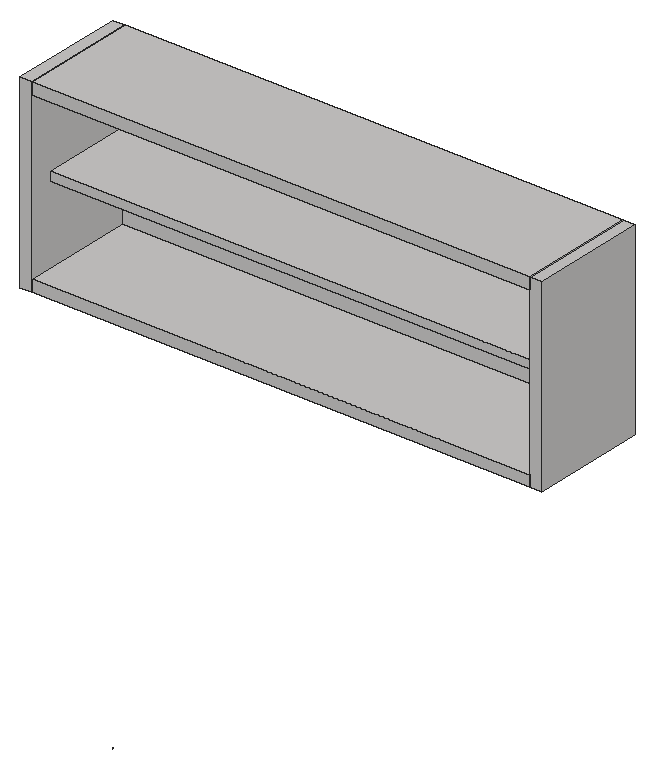
Revit family "QF_ZANUSSI_133260_PA1800LCN", category Attrezzature speciali, Revit 2020
Family settings
  Quota connettore circolare = Usa diametro
  Tipo di parte = Normale
  Basato su piano di lavoro = No
  Sempre verticale = Sì
  Taglio con vuoti quando caricato = No
  Condiviso = No
  Punto di calcolo locali = No
Parameters (values of type "Standard")
  Weight = 28.00 kg
  Watts = 0 W
  Volts = 0 V
  URL Manufacturer = "http://www.zanussiprofessional.com"
  URL = "http://www.zanussiprofessional.com"
  Steam Supply Size = 0 mm
  Steam Supply Minimum Pressure = 0.0 Pa
  Steam Supply Maximum Pressure = 0.0 Pa
  Steam Consumption per Hour = 0
  Refrigeration Suction Line Size = 0.0 mm
  Refrigeration Liquid Line Size = 0.0 mm
  Refrigerant Compressor Remote = yes
  Prospetto di default = 0.0 mm
  Phase = 0
  Modello = "PA1800LCN"
  Produttore = "Zanussi"
  Length Actual = 1800.0 mm  # constant formula
  Item Number = "133260"
  Hot Water Size = 0 mm
  Height Actual = 650.0 mm  # constant formula
  HP = "0 HP"
  Gas Size = 0 mm
  Gas KW = 0
  Gas Input Pressure = 0 W
  Direct Waste Size = 0 mm
  Descrizione = "OPEN WALL CUPBOARD 1800 MM"
  Depth Actual = 400.0 mm  # constant formula
  Cycle = 0 Hz
  Condensate Return Size = 0 mm
  Compressed Air Volume = 0.0 L/s
  Compressed Air Size = 0 mm
  Compressed Air Pressure = 0.0 Pa
  Cold Water Size = 0 mm
  Accessory = yes
Reference planes
  plane 1 "Center (Front/Back)": y = 0
  plane 2: z = 0
  plane 3 "Center (Left/Right)": x = -300
  plane 4 "LEFT": x = -1200
  plane 5 "RIGHT": x = 600
  plane 6 "BACK": y = 200
  plane 7 "FRONT": y = -200
  plane 8 "Base": z = 2250
  plane 9 "BASE": z = 1600
  plane 10: x = -1160
  plane 11: x = 560
  plane 12: y = -197
  plane 13: y = 150
  plane 14: y = 190
  plane 15 "Ripiano": z = 1910
  plane 16: z = 1940
Forms (mm)
  Extrusion 1, solid, material "QF_Finishes_Stainless Steel"
    sketch origin (0, 0, 1600) x (-1, 0, 0) y (0, -1, 0)
      loop
        line (1200, -200) -> (1200, 200) -> (1160, 200) -> (1160, -200) -> (1200, -200)
      loop
        line (-560, -200) -> (-560, 200) -> (-600, 200) -> (-600, -200) -> (-560, -200)
    from 0 to 650
  Extrusion 2, solid, material "QF_Finishes_Stainless Steel"
    sketch origin (0, 0, 1600) x (-1, 0, 0) y (0, -1, 0)
      loop
        line (1160, -200) -> (1160, 200) -> (-560, 200) -> (-560, -200) -> (1160, -200)
    from 0 to 40
  Extrusion 3, solid, material "QF_Finishes_Stainless Steel"
    sketch origin (0, 0, 0) x (1, 0, 0) y (0, 1, 0)
      loop
        line (-1160, -200) -> (560, -200) -> (560, 200) -> (-1160, 200) -> (-1160, -200)
    from 2210 to 2250
  Extrusion 4, solid, material "QF_Finishes_Stainless Steel"
    sketch origin (0, 0, 0) x (1, 0, 0) y (0, 1, 0)
      loop
        line (-1200, 200) -> (-1200, 199) -> (-1199, 199) -> (-1199, 200) -> (-1200, 200)
    from 0 to 1
  Extrusion 5, solid, material "QF_Finishes_Stainless Steel"
    sketch origin (0, 0, 1910) x (-1, 0, 0) y (0, -1, 0)
      loop
        line (1160, -190) -> (1160, 124.1) -> (-560, 124.1) -> (-560, -190) -> (1160, -190)
    from 0 to 30
  Extrusion 6, solid, material "QF_Finishes_Stainless Steel"
    sketch origin (0, 0, 1910) x (-1, 0, 0) y (0, -1, 0)
      loop
        line (1160, -200) -> (1160, -190) -> (-560, -190) -> (-560, -200) -> (1160, -200)
    from -270 to 300
Lines and regions (mm)
  symbolic lines
    curve 1: line (600, 200, 0) -> (-1200, -200, 0)
    curve 2: line (-1200, 200, 0) -> (600, 200, 0)
    curve 3: line (-1200, -200, 0) -> (-1200, 200, 0)
    curve 4: line (600, -200, 0) -> (-1200, -200, 0)
    curve 5: line (600, 200, 0) -> (600, -200, 0)
  symbolic lines, style "SpecialityEquipmentHiddenLines"
    curve 6: line (-1160, -124.1, 1910) -> (560, -124.1, 1910)
    curve 7: line (560, -200, 1910) -> (560, 190, 1910)
    curve 8: line (560, 190, 1910) -> (-1160, 190, 1910)
    curve 9: line (-1160, 190, 1910) -> (-1160, -200, 1910)
Dimensions and locks
  plane 4 "LEFT" to plane 5 "RIGHT" = 1800.0 mm
  equal spacing: plane 4 "LEFT", plane 3 "Center (Left/Right)", plane 5 "RIGHT"
  plane 6 "BACK" to plane 7 "FRONT" = 400.0 mm
  equal spacing: plane 6 "BACK", plane 1 "Center (Front/Back)", plane 7 "FRONT"
  plane 9 "BASE" to level = 1600.0 mm
  locked: plane 4 "LEFT" to plane 10 at 40
  locked: plane 11 to plane 5 "RIGHT" at 40
  plane 12 to plane 7 "FRONT" = 3.0 mm
  plane 6 "BACK" to plane 13 = 50.0 mm
  locked: plane 8 "Base" to plane 9 "BASE" at 650
  locked: plane 15 "Ripiano" to plane 9 "BASE" at 310
  locked: plane 16 to plane 15 "Ripiano" at 30
  aligned and locked: level to plane 2
  aligned and locked: plane 8 "Base" to Extrusion 1
  aligned and locked: plane 6 "BACK" to Extrusion 1 sketch curve
  aligned and locked: Extrusion 1 sketch curve to plane 6 "BACK"
  aligned and locked: plane 7 "FRONT" to Extrusion 1 sketch curve
  aligned and locked: Extrusion 1 sketch curve to plane 7 "FRONT"
  aligned and locked: plane 10 to Extrusion 1
  aligned and locked: Extrusion 1 to plane 11
  aligned and locked: Extrusion 2 to plane 10
  aligned and locked: plane 11 to Extrusion 2
  aligned and locked: plane 8 "Base" to Extrusion 3
  aligned and locked: Extrusion 3 to plane 7 "FRONT"
  aligned and locked: Extrusion 2 to plane 7 "FRONT"
Automatic sketch dimensions
  Extrusion 1 sketch curve to plane 5 "RIGHT" = 0.0 mm
  Extrusion 1 sketch curve to plane 11 = 0.0 mm
  Extrusion 1 sketch curve to plane 10 = 0.0 mm
  Extrusion 1 sketch curve to plane 4 "LEFT" = 0.0 mm
  Extrusion 2 sketch curve to plane 11 = 0.0 mm
  Extrusion 2 sketch curve to plane 10 = 0.0 mm
  Extrusion 2 sketch curve to plane 13 = 50.0 mm
  Extrusion 2 sketch curve to plane 12 = 3.0 mm
  Extrusion 3 sketch curve to plane 10 = 0.0 mm
  Extrusion 3 sketch curve to plane 11 = 0.0 mm
  Extrusion 3 sketch curve to plane 12 = 3.0 mm
  Extrusion 3 sketch curve to plane 14 = 10.0 mm
  Extrusion 4 sketch curve to plane 6 "BACK" = 0.0 mm
  Extrusion 4 sketch curve to plane 4 "LEFT" = 0.0 mm
  plane 4 "LEFT" to Extrusion 4 sketch curve = 1.0 mm
  Extrusion 4 sketch curve to plane 6 "BACK" = 1.0 mm
  curve 4 to plane 4 "LEFT" = 0.0 mm
  curve 5 to plane 5 "RIGHT" = 0.0 mm
  Extrusion 5 sketch curve to plane 11 = 0.0 mm
  Extrusion 5 sketch curve to plane 10 = 0.0 mm
  plane 14 to Extrusion 5 sketch curve = 0.0 mm
  plane 12 to Extrusion 5 sketch curve = 72.9 mm
  Extrusion 6 sketch curve to plane 6 "BACK" = 0.0 mm
  Extrusion 6 sketch curve to plane 11 = 0.0 mm
  Extrusion 6 sketch curve to plane 10 = 0.0 mm
  plane 14 to Extrusion 6 sketch curve = 0.0 mm
  curve 1 to plane 7 "FRONT" = 0.0 mm
  curve 3 to plane 6 "BACK" = 0.0 mm
  curve 6 to plane 11 = 0.0 mm
  curve 6 to plane 10 = 0.0 mm
  plane 14 to curve 9 = 0.0 mm
  curve 9 to plane 7 "FRONT" = 0.0 mm
  curve 7 to plane 7 "FRONT" = 0.0 mm
  plane 12 to curve 6 = 72.9 mm
